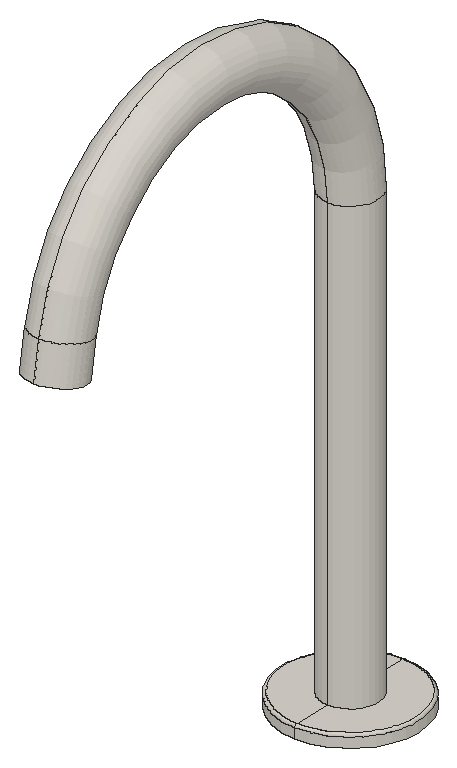
Revit family "Spout_Hob_Abey_PocoP_Basin_Short_Facebased", category Plumbing Fixtures, host Face, Revit 2022
Family settings
  Host = Face
  Round Connector Dimension = Use Diameter
  Part Type = Normal
  OmniClass Number = 23.31.11.00
  OmniClass Title = Faucets
  Cut with Voids When Loaded = No
  Maintain Annotation Orientation = No
  Shared = No
  Room Calculation Point = No
Parameters (values of type "Brushed Nickel Finish - (8HS145-BN-LF)")
  Waste Connection = no
  Vent Connection = no
  Uniclass2015Version = "Products v1.38"
  Uniclass2015Title = "Mixer taps"
  Uniclass2015Code = "Pr_40_20_87_55"
  URL = "https://www.abey.com.au/"
  Type Comments = "Spout - Hob - Brushed Nickel"
  ModifiedIssue = 20251103
  Model = "8HS145-BN-LF"
  Material = Metal_Abey_BrushedNickel
  ManufacturerURLProductSpecific = "https://www.abeyspecifier.com.au/product/poco-p-basin-bath-hob-265mm-spout/"
  ManufacturerSpecCode = Model  # "8HS145-BN-LF"
  ManufacturerOverallWidth = 54 mm  # constant formula
  ManufacturerOverallHeight = 265 mm  # constant formula
  ManufacturerOverallDepth = 183 mm  # constant formula
  Manufacturer = "Abey"  # constant formula
  Keynote = ""
  IfcExportType = "FAUCET"
  IfcExportAs = "IfcValve"
  HW Connection = yes
  Description = "Poco P Basin/Bath Hob 265mm Spout"
  Default Elevation = 0 mm
  CreatedByURL = "https://igsgroup.com.au"
  CreatedBy = "IGS BIM Solutions"  # constant formula
  Cost = 0
  CW Connection = yes
  Assembly Code = "C1030210"
Types (2, lengths in mm): name | Type Comments | Model | Material | ManufacturerSpecCode
  Brushed Nickel Finish - (8HS145-BN-LF) | "Spout - Hob - Brushed Nickel" | "8HS145-BN-LF" | Metal_Abey_BrushedNickel | "8HS145-BN-LF"
  Gun Metal Finish - (8HS145-GM-LF) | "Spout - Hob - Gun Metal" | "8HS145-GM-LF" | Metal_Abey_GunMetal | "8HS145-GM-LF"
Reference planes
  plane 1 "SpoutCenter (Front/Back)": y = 29.5
  plane 2 "Bottom": z = 0
  plane 3 "Center (Left/Right)": x = 18.07
  plane 4 "Front": y = -126.5
  plane 5 "Back": y = 56.5
  plane 6 "Left": x = -8.93
  plane 7 "Right": x = 45.07
  plane 8 "Top": z = 265
Forms (mm)
  Extrusion 1, void
    sketch origin (0, 0, 0) x (1, 0, 0) y (0, 1, 0)
      loop
        circle (18.07, 29.5) r 15
    from 0 to -30
Text (mm)
  text "Disclaimer:\nDue to ongoing product development and manufacturing evolution, product details are subject to change without notice. Please refer to product technical data sheets on the manufacturers website for the most current product information. Please allow a +/- 5mm manufacturing tolerance for dimensions and set-outs shown in product literature." at (92.879, 74.225, 0), in view "Ref. Level"
Dimensions and locks
  "ManufacturerOverallHeight": plane 8 "Top" to plane 2 "Bottom"
  "ManufacturerOverallWidth": plane 6 "Left" to plane 7 "Right"
  "ManufacturerOverallDepth": plane 4 "Front" to plane 5 "Back"
  equal spacing: plane 6 "Left", plane 3 "Center (Left/Right)", plane 7 "Right"
  locked: plane 1 "SpoutCenter (Front/Back)" to plane 5 "Back" at 27
  aligned and locked: plane 2 "Bottom" to host face
  aligned and locked: level to host face
  aligned and locked: plane 3 "Center (Left/Right)" to nested 1
  aligned and locked: plane 1 "SpoutCenter (Front/Back)" to nested 1
  aligned and locked: nested 1 to plane 2 "Bottom"
Automatic sketch dimensions
  host sketch curve to host sketch curve = 102.112 mm
  host sketch curve to host sketch curve = 97.392 mm
  plane 1 "SpoutCenter (Front/Back)" to Extrusion 1 sketch curve = 0 mm
  Extrusion 1 sketch curve to plane 3 "Center (Left/Right)" = 0 mm
  radius of Extrusion 1 sketch curve = 15 mm
Nested families
  nested 1: "z_Spout_Hob_Abey_PocoP_Basin_Short" at (81.07, -121, 0), type "Type 1"
Connectors
  piping at (25.42, 29.5, -1), diameter 12.7, driven by "CW Connection"
    settings: on nested 1, index 1, connector inside diameter 24", connector length 0 mm, flow factor 0, pipe flow 0.00 L/s, pressure drop 0 kPa, fitting loss kfactor 0, connector angle 0.00°, fixture units 0, engagement length 0 mm, angle of deflection 0.00°, flow configuration 2, flow direction 1, fitting loss method 0, system type 20, joint type 0, gender type 0, connector reference index -1, connector utility 1, adjustable connector no, is connector primary yes, connector description "Cold Water Supply"
  piping at (10.72, 29.5, -1), diameter 12.7, driven by "HW Connection"
    settings: on nested 1, index 2, connector inside diameter 24", connector length 0 mm, flow factor 0, pipe flow 0.00 L/s, pressure drop 0 kPa, fitting loss kfactor 0, connector angle 0.00°, fixture units 0, engagement length 0 mm, angle of deflection 0.00°, flow configuration 2, flow direction 1, fitting loss method 0, system type 19, joint type 0, gender type 0, connector reference index -1, connector utility 1, adjustable connector no, is connector primary no, connector description "Hot Water Supply"
Definition of nested family "z_Spout_Hob_Abey_PocoP_Basin_Short"
  Parameters (values of type "Type 1")
    Waste Connection = no
    Vent Connection = no
    Uniclass2015Version = ""
    Uniclass2015Title = ""
    Uniclass2015Code = ""
    URL = ""
    Type Comments = ""
    ModifiedIssue = 0
    Model = ""
    ManufacturerURLProductSpecific = ""
    ManufacturerSpecCode = ""
    ManufacturerOverallWidth = 54 mm  # constant formula
    ManufacturerOverallHeight = 265 mm  # constant formula
    ManufacturerOverallDepth = 183 mm  # constant formula
    Manufacturer = "Abey"  # constant formula
    IfcExportType = ""
    IfcExportAs = ""
    HW Connection = yes
    Description = ""
    Default Elevation = 1219.2 mm
    CreatedByURL = ""
    CreatedBy = "IGS BIM Solutions"  # constant formula
    CW Connection = yes
    Material = none
    Assembly Code = ""
  Reference planes
    plane 1 "Ref. Level": z = 0
    plane 2 "Left": x = -90
    plane 3 "Right": x = -36
    plane 4 "Back": y = 177.5
    plane 5 "Bottom": z = 0
    plane 6 "Top": z = 265
    plane 7 "SpoutCenter": y = 150.5
    plane 8 "SpoutCenter (Left/Right)": x = -63
    plane 9 "Center (Left/Right)": x = -63
    plane 10 "Front": y = -5.5
  Forms (mm)
    Revolve 1, solid, material <- "Material"
      sketch origin (-63, 0, 0) x (0, 1, 0) y (0, 0, 1)
        loop
          line (177.5, 0) -> (177.5, 4)
          arc (177.5, 4) -> (177.207, 4.707) -> (176.5, 5) r 1
          line (176.5, 5) -> (150.5, 5) -> (150.5, 0) -> (177.5, 0)
        axis (150.5, 0) -> (150.5, 5)
      angle from 0 to 360
    Sweep 2, solid, material <- "Material"
      path origin (-63, 0, 0) x (0, 1, 0) y (0, 0, 1)
        loop
          line (150.5, 5) -> (150.5, 182.223)
          arc (150.5, 182.223) -> (85.003, 253.701) -> (8.089, 194.683) r 71.751
          line (8.089, 194.683) -> (5.5, 180)
      profile origin (-63, 150.5, 93.612) x (0, -1, 0) y (1, 0, 0)
        loop
          circle (0, 0) r 11
    Extrusion 3, solid, material <- "Material"
      sketch origin (0, 0, 0) x (0, -1, 0) y (1, 0, 0)
        loop
          circle (-150.5, -70.35) r 6.35
        loop
          circle (-150.5, -55.65) r 6.35
      from 0 to -1
  Lines and regions (mm)
    Masking region 1
      outline origin (0, 0, 265) x (0, -1, 0) y (1, 0, 0)
        loop
          arc (-125.842, -52) -> (-177.5, -63) -> (-125.842, -74) r 27
          line (-125.842, -74) -> (-5.508, -74)
          arc (-5.508, -74) -> (5.492, -63) -> (-5.508, -52) r 11
          line (-5.508, -52) -> (-125.842, -52)
    symbolic lines, detail levels medium+fine
      curve 1: arc (-74, 150.5, 265) -> (-63, 161.5, 265) -> (-52, 150.5, 265) r 11
      curve 2: line (-74, 125.842, 265) -> (-74, 150.5, 265)
      curve 3: line (-52, 125.842, 265) -> (-52, 150.5, 265)
  Text (mm)
    text "Disclaimer:\nDue to ongoing product development and manufacturing \nevolution, product details are subject to change without \nnotice. Please refer to product technical data sheets on \nthe manufacturers website for the most current product \ninformation. Please allow a +/- 5mm manufacturing \ntolerance for dimensions and set-outs shown in product \nliterature." at (479.049, 199.695, 0), in view "Ref. Level"
  Dimensions and locks
    "ManufacturerOverallWidth": plane 2 "Left" to plane 3 "Right"
    "ManufacturerOverallHeight": plane 6 "Top" to plane 5 "Bottom"
    plane 5 "Bottom" to plane 1 "Ref. Level" = 0 mm
    equal spacing: plane 2 "Left", plane 9 "Center (Left/Right)", plane 3 "Right"
    "ManufacturerOverallDepth": plane 10 "Front" to plane 4 "Back"
    locked: plane 7 "SpoutCenter" to plane 4 "Back" at 27
    aligned and locked: level to plane 1 "Ref. Level"
  Automatic sketch dimensions
    Sweep 2 sketch curve to profile plane = 0 mm  (x2)
    plane 7 "SpoutCenter" to Extrusion 3 sketch curve = 0 mm  (x2)
    Extrusion 3 sketch curve to plane 8 "SpoutCenter (Left/Right)" = 7.35 mm
    plane 8 "SpoutCenter (Left/Right)" to Extrusion 3 sketch curve = 7.35 mm
    plane 5 "Bottom" to Revolve 1 sketch curve = 0 mm  (x2)
    Revolve 1 sketch curve to plane 7 "SpoutCenter" = 0 mm  (x2)
    Revolve 1 sketch curve to plane 4 "Back" = 0 mm
    plane 4 "Back" to Revolve 1 sketch curve = 1 mm
    Revolve 1 sketch curve to plane 5 "Bottom" = 4 mm
    Revolve 1 sketch curve to Revolve 1 sketch curve = 95 mm
    Sweep 2 sketch curve to plane 7 "SpoutCenter" = 0 mm
    plane 7 "SpoutCenter" to Sweep 2 sketch curve = 71.751 mm
    Sweep 2 sketch curve to plane 10 "Front" = 13.589 mm
    plane 6 "Top" to Sweep 2 sketch curve = 82.777 mm
    Sweep 2 sketch curve to plane 10 "Front" = 11 mm
    Sweep 2 sketch curve to Sweep 2 sketch curve = 14.683 mm
    Sweep 2 sketch curve to plane 5 "Bottom" = 5 mm
    plane 7 "SpoutCenter" to curve 1 = 0 mm
    curve 2 to plane 8 "SpoutCenter (Left/Right)" = 11 mm
    curve 1 to plane 8 "SpoutCenter (Left/Right)" = 0 mm
    plane 7 "SpoutCenter" to curve 3 = 24.658 mm
    curve 2 to curve 3 = 0 mm
    plane 7 "SpoutCenter" to Masking region 1 sketch curve = 0 mm
    Masking region 1 sketch curve to plane 8 "SpoutCenter (Left/Right)" = 11 mm
    plane 7 "SpoutCenter" to Masking region 1 sketch curve = 24.658 mm
    plane 8 "SpoutCenter (Left/Right)" to Masking region 1 sketch curve = 11 mm
    Masking region 1 sketch curve to Masking region 1 sketch curve = 0 mm
    Masking region 1 sketch curve to plane 10 "Front" = 11.008 mm
    radius of Sweep 2 sketch curve = 11 mm
    radius of Extrusion 3 sketch curve = 6.35 mm  (x2)
